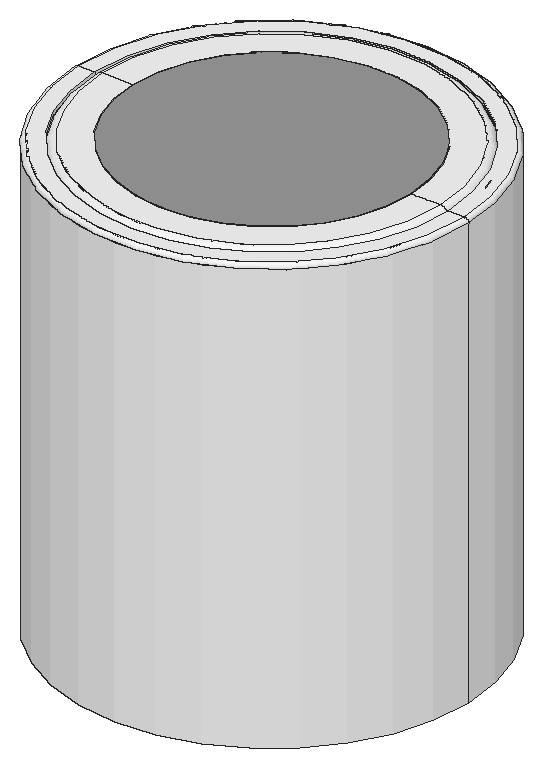
Revit family "3098173 Lighting Fixture_Sylvania_Insaver LED II 150 LO_Surface Mounted", category Lighting Fixtures, host Face, Revit 2017
Family settings
  Host = Face
  Round Connector Dimension = Use Diameter
  Part Type = Normal
  OmniClass Number = 23.80.70.11.17
  OmniClass Title = Specialized Lighting by Location or Use
  Cut with Voids When Loaded = No
  Light Source = Yes
  Shared = No
  Room Calculation Point = No
Parameters (values of type "Insaver LED II 150 Low Output NW DALI Surface Mounted")
  Ta Rating = "0°C to 55°C"  # constant formula
  Reflector Material = Metal_Sylvania_Insaver LED II_Polished
  LOR = "100%"  # constant formula
  IP Rating = "IP23 (44 with accessory)"  # constant formula
  Height = 208.0 mm
  Glare Control = "UGR <19 (using accessory)"  # constant formula
  Energy Class = "A++,A+,A"  # constant formula
  Weight = 0 kg
  Wattage = 20 W
  built-in parameter 1150110 = 1 (stored number, unit not read)
  Voltage Comments = "UNV (Universal Voltage; 220-240 Volt)"  # constant formula
  Voltage = 230 V  # constant formula
  URL = "http://www.sylvania-lighting.com"
  built-in parameter 1114217 = 1 (stored number, unit not read)
  Tilt Angle = -90°
  built-in parameter 1150109 = 1 (stored number, unit not read)
  built-in parameter 1150134 = 12
  built-in parameter 1150113 = 1 (stored number, unit not read)
  Product Page URL = "http://www.sylvania-lighting.com/product/en-int/products/3098173"
  Product Family = "INSAVER LED II 150 Surface Mounted"  # constant formula
  Photometry Comments = ""
  Photometric Web File = "3098173_InsaverLEDII150LowOutputNWDALISurfaceMounted-202149.ies"
  Life = "50 000 h"  # constant formula
  Emit from Circle Diameter = Diffuser Diameter  # 133.0 mm
  Emit Shape Visible in Rendering = no
  Drive Current = "700mA"  # constant formula
  Distribution type = "Direct - symmetrical"  # constant formula
  Diffuser Material = Glass_Sylvania_Insaver LED II_4000K
  Diffuser Diameter = Accessory Diameter - 36.0 mm  # 133.0 mm
  Colour consistency (SDCM) = "3 step"  # constant formula
  built-in parameter 1114216 [instance] = 1 (stored number, unit not read)
  Model = "Insaver LED II 150 Low Output NW DALI Surface Mounted"
  Manufacturer = "Feilo Sylvania"
  built-in parameter 1150105 = 1374.7 (stored number, unit not read)
  Lumens = 1940 lm
  built-in parameter 1150115 = 1 (stored number, unit not read)
  built-in parameter 1150137 = (empty or 0)
  built-in parameter 1150139 = (empty or 0)
  built-in parameter 1150112 = 1 (stored number, unit not read)
  built-in parameter 1150114 = 1 (stored number, unit not read)
  Lamp Comments = "Integrated LED"  # constant formula
  Lamp = ""
  built-in parameter 1150132 = 2
  built-in parameter 1150102 = (empty or 0)
  built-in parameter 1150107 = 4000 (stored number, unit not read)
  built-in parameter 1150138 = (empty or 0)
  built-in parameter 1150106 = 13.747 (stored number, unit not read)
  CRI ( Ra ) = 80  # constant formula
  Body Material = Plastic_Sylvania_Insaver LED II_White
  built-in parameter 1150104 = 9.0116 (stored number, unit not read)
  Dimming Lamp Color Temperature Shift = <None>
  Description = "Circular LED downlight with up to 114lm/W efficacy and 2,400 luminaire lumen output. Innovative easy installation system allows for a rapid, single point installation. For 150mm cut outs. IP44 or UGR<19 compliant with additional accessories. 3 hour emergency and surface mounted versions available. Plus3 version includes Wieland GST connector."  # constant formula
  Default Elevation = 0.0 mm
  Color Filter = 16777215
  Catalog Number = "3098173 Insaver LED II 150 Low Output NW DALI Surface Mounted"
  built-in parameter 1140040 [instance] = 1
  Radius = Diameter / 2  # 94.0 mm
  Diameter = 188.0 mm
  Beam Angle = 76°  # constant formula
  built-in parameter 1114218 = 1 (stored number, unit not read)
  built-in parameter 1150133 = 10 (stored number, unit not read)
  Assembly Code = "D5020200"
  Apparent Load Comments = ""
  Apparent Load = 17 VA
  Accessory Radius = Accessory Diameter / 2  # 84.5 mm
  Accessory Material = Plastic_Sylvania_Insaver LED II_White
  Accessory Diameter = Diameter - 19.0 mm  # 169.0 mm
Reference planes
  plane 1 "Center (Front/Back)": y = 0
  plane 2: z = 0
  plane 3 "Center (Left/Right)": x = 0
  plane 4: z = 202
  plane 5 "Fixture Bottom": z = 208
  plane 6: z = 205
  plane 7: z = 9.5
  plane 8: z = 148
Forms (mm)
  Revolve 1, solid, material "Plastic_Sylvania_Insaver LED II_White" <- "Accessory Material", detail levels fine
    sketch origin (0, 0, 206.916) x (1, 0, 0) y (0, 0, 1)
      loop
        line (-84.5, -4.916) -> (-66.5, -4.916) -> (-66.5, 1.084) -> (-80.5, 1.084)
        arc (-80.5, 1.084) -> (-83.328, -0.088) -> (-84.5, -2.916) r 4
        line (-84.5, -2.916) -> (-84.5, -4.916)
      axis (0, 1.084) -> (0, -4.916)
    angle from 0 to 360
  Extrusion 2, solid, material "Glass_Sylvania_Insaver LED II_4000K" <- "Diffuser Material", detail levels fine
    sketch origin (0, 0, 206.916) x (1, 0, 0) y (0, 1, 0)
      loop
        circle (0, 0) r 66.5
    from -4.916 to 1.084
  Extrusion 3, solid, material "Plastic_Sylvania_Insaver LED II_White" <- "Body Material", detail levels fine
    sketch origin (0, 0, 0) x (1, 0, 0) y (0, 1, 0)
      loop
        circle (0, 0) r 94
      loop
        circle (0, 0) r 84.5
    from 0 to 205
  Revolve 4, solid, material "Plastic_Sylvania_Insaver LED II_White" <- "Body Material", detail levels fine
    sketch origin (0, 0, 0) x (1, 0, 0) y (0, 0, 1)
      loop
        line (-94, 205) -> (-84.5, 205) -> (-84.5, 207) -> (-92, 207)
        arc (-92, 207) -> (-93.414, 206.414) -> (-94, 205) r 2
      axis (0, 207) -> (0, 205)
    angle from 0 to 360
  Extrusion 5, solid, material "Plastic_Sylvania_Insaver LED II_White" <- "Body Material", detail levels fine
    sketch origin (0, 0, 0) x (1, 0, 0) y (0, 1, 0)
      loop
        circle (0, 0) r 84.5
    from 0 to 9.5
  Revolve 6, solid, detail levels fine
    sketch origin (0, 0, 0) x (1, 0, 0) y (0, 0, 1)
      loop
        line (0, 148) -> (0, 150)
        arc (0, 150) -> (-48.672, 164.089) -> (-82.291, 202) r 91.113
        line (-82.291, 202) -> (-84.5, 202)
        arc (-84.5, 202) -> (-50.14, 162.653) -> (0, 148) r 93.113
      axis (0, 202) -> (0, 148)
    angle from 0 to 360
  Extrusion 7, solid, material "Plastic_Sylvania_Insaver LED II_White" <- "Body Material", detail levels coarse+medium
    sketch origin (0, 0, 0) x (1, 0, 0) y (0, 1, 0)
      loop
        circle (0, 0) r 94
    from 0 to 208
Cuts and joins
  joined: Extrusion 3, Revolve 4, Extrusion 5
Lines and regions (mm)
  Masking region 1
    outline origin (0, 0, 0) x (1, 0, 0) y (0, 1, 0)
      loop
        circle (0, 0) r 94
  symbolic lines, detail levels fine
    curve 1: arc (66.5, 0, 0) -> (0, 66.5, 0) -> (-66.5, 0, 0) r 66.5
    curve 2: arc (-66.5, 0, 0) -> (0, -66.5, 0) -> (66.5, 0, 0) r 66.5
Dimensions and locks
  locked: Revolve 1 sketch curve to Revolve 1 sketch curve at 18
  "Accessory Radius": plane 3 "Center (Left/Right)" to Revolve 1 sketch curve
  locked: Revolve 1 sketch curve to plane 4 at 2
  plane 5 "Fixture Bottom" to plane 6 to plane 4 to plane 8 = 3.0 mm locked, 3.0 mm locked, 54.0 mm locked
  "Height": plane 5 "Fixture Bottom" to plane 2
  locked: Revolve 4 sketch curve to plane 6 at 2
  locked: plane 7 to plane 2 at 9.5
  "Radius": plane 3 "Center (Left/Right)" to Revolve 4 sketch curve
  locked: Revolve 4 sketch curve to Revolve 4 sketch curve at 9.5
  "Accessory Radius": plane 3 "Center (Left/Right)" to Revolve 6 sketch curve
  locked: Revolve 6 sketch curve to Revolve 6 sketch curve at 2.209
  locked: Revolve 6 sketch curve to plane 8 at 2
  "Diffuser Diameter": diameter of Extrusion 2 sketch curve
  "Diameter": diameter of Extrusion 3 sketch curve
  "Accessory Diameter": diameter of Extrusion 3 sketch curve
  "Accessory Diameter": diameter of Extrusion 5 sketch curve
  "Diameter": diameter of Extrusion 7 sketch curve
  aligned and locked: plane 2 to host face
  aligned and locked: level to host face
  aligned and locked: imposter light to plane 1 "Center (Front/Back)"
  aligned and locked: plane 4 to Revolve 1 sketch curve
  aligned and locked: Revolve 1 sketch curve to plane 3 "Center (Left/Right)"
  aligned and locked: plane 4 to Extrusion 2
  aligned and locked: Extrusion 2 to plane 5 "Fixture Bottom"
  aligned and locked: Extrusion 3 to plane 6
  aligned and locked: Extrusion 3 to plane 2
  aligned and locked: Revolve 4 sketch curve to plane 3 "Center (Left/Right)"
  aligned and locked: plane 5 "Fixture Bottom" to Revolve 1 sketch curve
  aligned and locked: plane 6 to Revolve 4 sketch curve
  aligned and locked: Extrusion 5 to plane 2
  aligned and locked: Extrusion 5 to plane 7
  aligned and locked: imposter light to plane 3 "Center (Left/Right)"
  aligned and locked: imposter light to plane 5 "Fixture Bottom"
  aligned and locked: Revolve 6 sketch curve to imposter light
  aligned and locked: Revolve 6 sketch curve to plane 4
  aligned and locked: imposter light to Revolve 6 sketch curve
  aligned and locked: Extrusion 7 to plane 5 "Fixture Bottom"
  aligned and locked: Extrusion 7 to plane 2
  aligned and locked: Masking region 1 sketch curve to Extrusion 7  (x2)
  aligned and locked: curve 1 to Extrusion 2
  aligned and locked: curve 2 to Extrusion 2
Automatic sketch dimensions
  host sketch curve to host sketch curve = 1040.406 mm
  host sketch curve to host sketch curve = 988.385 mm
  plane 4 to Revolve 1 sketch curve = 23.903 mm
  Revolve 1 sketch curve to plane 5 "Fixture Bottom" = 38.423 mm
  plane 1 "Center (Front/Back)" to Extrusion 2 sketch curve = 0.0 mm
  Extrusion 2 sketch curve to plane 3 "Center (Left/Right)" = 0.0 mm
  Extrusion 3 sketch curve to Extrusion 3 sketch curve = 0.0 mm  (x2)
  plane 1 "Center (Front/Back)" to Extrusion 3 sketch curve = 0.0 mm
  Extrusion 3 sketch curve to plane 3 "Center (Left/Right)" = 0.0 mm
  Revolve 4 sketch curve to plane 5 "Fixture Bottom" = 23.931 mm
  Revolve 4 sketch curve to Revolve 4 sketch curve = 16.615 mm
  plane 1 "Center (Front/Back)" to Extrusion 5 sketch curve = 0.0 mm
  Extrusion 5 sketch curve to plane 3 "Center (Left/Right)" = 0.0 mm
  Revolve 6 sketch curve to Revolve 6 sketch curve = 0.0 mm
  plane 4 to Revolve 6 sketch curve = 22.636 mm
  Revolve 6 sketch curve to Revolve 6 sketch curve = 1.749 mm
  plane 1 "Center (Front/Back)" to Extrusion 7 sketch curve = 0.0 mm
  Extrusion 7 sketch curve to plane 3 "Center (Left/Right)" = 0.0 mm
Connectors
  electrical at (0, 0, 0), driven by "Voltage", driven by "Apparent Load"
    settings: on cut or joined group of Extrusion 3, Revolve 4, Extrusion 5, index 1, voltage 230 V, apparent load 0 VA, apparent load phase1 17 VA, apparent load phase2 0 VA, apparent load phase3 0 VA, power factor 1, load classification "Lighting", number of poles 1, system type 31, power factor state 1, is connector primary yes, connector utility no, sub classification motor no, connector description ""
